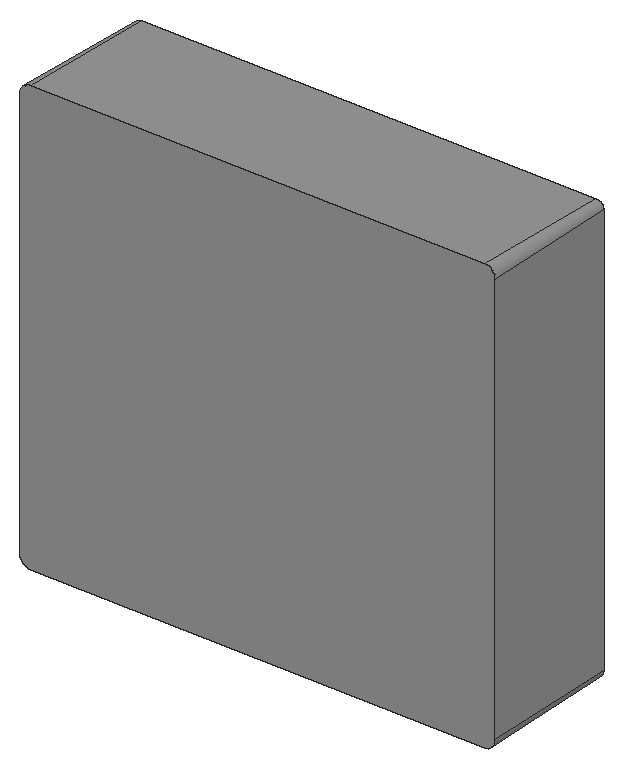
Revit family "L&L_LUCE&LIGHT_PASITO_1.2", category Lighting Fixtures, host Wall, Revit 2018 (continued)
Parameters (values of type "PASITO_1.2 – Asymmetrical 150°x90°")
     5.25 4.90 4.56 \r\n4.19 3.83 3.52 3.21 2.93 2.66 2.40 2.14 1.89 1.66 1.44 \r\n1.20 0.98 0.79 0.60 0.42 0.24 0.10 0.02 \r\n0.14 0.14 0.40 1.09 1.86 2.32 2.52 2.70 3.03 3.50 3.97 \r\n4.50 5.11 5.82 6.60 7.51 8.38 9.87 21.46 46.49 67.64 \r\n74.41 78.35 82.03 84.73 86.84 87.45 87.56 87.84 88.40 \r\n89.94 92.73 95.67 98.25 101.05 103.76 106.03 108.07 \r\n109.80 111.49 112.98 113.78 114.41 115.78 117.76 119.53 \r\n121.22 123.14 124.86 126.17 127.51 129.19 130.86 132.21 \r\n133.25 134.10 135.09 136.48 138.28 140.29 142.20 143.93 \r\n145.70 147.52 149.31 151.03 152.48 153.67 154.76 155.77 \r\n156.61 157.32 158.22 159.46 160.69 160.23 156.22 147.28 \r\n132.68 113.55 91.76 69.49 49.26 33.34 25.13 22.66 21.30 \r\n20.23 20.15 20.08 20.00 19.97 19.93 19.89 19.87 19.85 \r\n19.83 19.80 19.78 19.77 19.75 19.74 19.73 19.72 19.72 \r\n19.72 19.72 19.71 19.70 19.67 19.64 19.63 19.63 19.63 \r\n19.60 19.50 19.35 19.15 18.94 18.71 18.48 18.25 18.02 \r\n17.77 17.51 17.24 16.95 16.67 16.42 16.11 15.76 15.40 \r\n15.08 14.78 14.41 14.06 13.70 13.36 13.01 12.58 12.21 \r\n11.85 11.46 11.11 10.73 10.30 9.91 9.48 9.09 8.70 8.27 \r\n7.87 7.49 7.11 6.74 6.39 6.01 5.62 5.24 4.91 4.57 4.20 \r\n3.86 3.56 3.26 2.97 2.72 2.47 2.22 1.98 1.75 1.55 1.34 \r\n1.12 0.92 0.74 0.57 0.39 0.22 0.09 0.02 \r\n0.14 0.14 0.35 0.93 1.67 2.22 2.46 2.61 2.84 3.22 3.67 \r\n4.14 4.64 5.23 5.93 6.65 7.51 8.33 9.57 16.74 37.84 62.54 \r\n75.59 79.17 82.35 85.28 87.64 89.31 90.17 90.78 91.19 \r\n91.81 93.51 96.57 99.72 102.55 105.67 108.82 111.54 \r\n113.94 115.99 117.91 119.93 121.47 122.45 123.80 126.14 \r\n128.67 131.01 133.28 135.59 137.75 139.72 141.76 143.98 \r\n146.08 147.94 149.73 151.61 153.64 155.89 158.36 160.99 \r\n163.70 166.41 168.86 170.99 172.91 174.70 176.27 177.66 \r\n178.90 180.04 181.09 181.77 181.45 179.11 173.20 162.47 \r\n146.39 125.04 100.48 76.01 54.79 39.05 28.63 22.57 20.73 \r\n20.46 20.20 19.94 19.87 19.79 19.71 19.64 19.58 19.53 \r\n19.50 19.47 19.44 19.40 19.37 19.33 19.30 19.28 19.26 \r\n19.23 19.21 19.18 19.16 19.16 19.16 19.13 19.07 18.95 \r\n18.77 18.57 18.36 18.14 17.92 17.69 17.47 17.22 16.95 \r\n16.68 16.43 16.16 15.88 15.57 15.23 14.91 14.62 14.28 \r\n13.90 13.56 13.25 12.87 12.51 12.17 11.80 11.45 11.10 \r\n10.71 10.35 9.96 9.52 9.16 8.82 8.41 8.00 7.62 7.26 6.90 \r\n6.54 6.19 5.83 5.47 5.15 4.83 4.49 4.14 3.83 3.54 3.25 \r\n2.98 2.72 2.48 2.25 2.02 1.80 1.61 1.43 1.23 1.03 0.86 \r\n0.69 0.52 0.35 0.20 0.08 0.02 \r\n0.14 0.14 0.30 0.77 1.45 2.04 2.36 2.52 2.69 2.95 3.32 \r\n3.75 4.21 4.69 5.23 5.88 6.55 7.29 8.19 9.11 10.77 20.85 \r\n44.81 66.58 76.90 81.08 84.16 86.98 89.57 91.60 92.94 \r\n94.27 95.49 96.28 97.79 100.58 104.05 107.52 110.87 \r\n114.25 117.63 120.68 123.31 125.73 128.35 131.25 133.81 \r\n135.86 138.13 141.01 144.12 146.85 149.27 151.77 154.44 \r\n157.18 159.91 162.56 165.04 167.30 169.42 171.63 174.15 \r\n177.03 180.22 183.68 187.36 190.99 194.33 197.04 198.91 \r\n199.87 200.26 200.54 201.18 202.14 203.27 201.80 196.26 \r\n184.52 166.72 143.88 117.87 90.60 64.69 42.54 26.68 23.51 \r\n22.23 21.00 19.79 19.67 19.54 19.41 19.29 19.22 19.14 \r\n19.05 18.98 18.93 18.88 18.82 18.76 18.70 18.66 18.63 \r\n18.60 18.57 18.55 18.52 18.48 18.42 18.32 18.19 18.03 \r\n17.84 17.64 17.42 17.20 16.98 16.75 16.51 16.26 16.00 \r\n15.74 15.46 15.16 14.84 14.54 14.23 13.90 13.56 13.26 \r\n12.94 12.56 12.19 11.88 11.58 11.22 10.85 10.52 10.18 \r\n9.77 9.38 9.05 8.70 8.31 7.93 7.59 7.26 6.92 6.57 6.24 \r\n5.91 5.57 5.26 4.96 4.64 4.31 4.01 3.73 3.46 3.18 2.93 \r\n2.69 2.45 2.22 2.00 1.80 1.63 1.46 1.28 1.10 0.94 0.79 \r\n0.63 0.47 0.32 0.18 0.08 0.02 \r\n0.14 0.13 0.24 0.62 1.20 1.80 2.22 2.43 2.57 2.74 2.99 \r\n3.33 3.73 4.16 4.61 5.11 5.69 6.31 6.90 7.62 8.67 9.58 \r\n11.58 14.34 35.18 61.64 76.29 81.73 85.46 88.99 91.82 \r\n94.22 96.40 98.42 100.35 101.74 102.76 104.71 108.12 \r\n112.20 116.28 120.36 124.54 128.65 132.55 136.04 139.16 \r\n142.23 145.45 148.67 151.62 154.27 157.00 159.95 162.88 \r\n165.65 168.52 171.67 175.01 178.40 181.64 184.76 187.85 \r\n191.05 194.40 197.87 201.59 205.59 209.82 214.06 217.98 \r\n221.26 223.79 225.64 226.89 227.60 227.45 226.01 222.86 \r\n216.73 206.11 189.53 165.51 134.90 101.58 70.25 46.06 \r\n34.70 27.10 22.39 19.45 19.27 19.09 18.90 18.71 18.59 \r\n18.48 18.36 18.24 18.16 18.09 18.02 17.95 17.89 17.84 \r\n17.80 17.75 17.70 17.67 17.63 17.57 17.48 17.33 17.15 \r\n16.95 16.74 16.52 16.30 16.08 15.86 15.62 15.37 15.09 \r\n14.81 14.52 14.23 13.94 13.63 13.32 13.02 12.71 12.38 \r\n12.05 11.73 11.43 11.12 10.81 10.47 10.09 9.71 9.38 9.09 \r\n8.76 8.40 8.04 7.71 7.39 7.06 6.77 6.47 6.15 5.82 5.52 \r\n5.23 4.94 4.63 4.32 4.04 3.79 3.54 3.28 3.05 2.82 2.59 \r\n2.36 2.15 1.95 1.76 1.60 1.44 1.28 1.12 0.98 0.85 0.71 \r\n0.56 0.42 0.28 0.16 0.07 0.02 \r\n0.14 0.13 0.18 0.45 0.92 1.48 1.97 2.29 2.45 2.58 2.73 \r\n2.95 3.25 3.60 3.98 4.38 4.81 5.31 5.87 6.46 7.02 7.54 \r\n8.32 9.48 10.37 12.47 19.24 34.75 59.40 79.47 87.46 89.98 \r\n92.71 95.80 98.88 101.87 104.77 107.43 109.70 111.55 \r\n113.70 116.95 121.45 126.53 131.30 135.63 139.69 143.67 \r\n147.47 151.10 154.68 158.30 161.99 165.73 169.27 172.59 \r\n175.83 179.20 182.86 186.79 190.98 195.35 199.81 204.26 \r\n208.60 212.88 217.16 221.60 226.34 231.47 236.83 242.22 \r\n247.32 251.94 256.06 259.87 263.63 267.59 271.37 272.75 \r\n269.16 257.46 235.80 205.50 170.04 133.41 99.43 70.66 \r\n47.81 30.76 19.58 19.18 18.78 18.38 17.97 17.74 17.59 \r\n17.45 17.30 17.12 16.95 16.87 16.83 16.83 16.80 16.76 \r\n16.73 16.69 16.60 16.46 16.32 16.17 16.00 15.81 15.61 \r\n15.39 15.17 14.94 14.70 14.46 14.20 13.93 13.66 13.39 \r\n13.10 12.81 12.51 12.21 11.92 11.62 11.31 11.01 10.71 \r\n10.41 10.10 9.78 9.45 9.14 8.83 8.50 8.18 7.86 7.56 7.26 \r\n6.98 6.71 6.42 6.12 5.83 5.57 5.30 5.01 4.73 4.45 4.19 \r\n3.95 3.71 3.47 3.25 3.05 2.84 2.63 2.42 2.22 2.03 1.85 \r\n1.69 1.54 1.39 1.23 1.09 0.97 0.86 0.74 0.61 0.49 0.36 \r\n0.24 0.14 0.06 0.02 \r\n0.14 0.13 0.17 0.34 0.66 1.09 1.56 1.96 2.24 2.43 2.56 \r\n2.69 2.85 3.08 3.37 3.70 4.04 4.39 4.77 5.20 5.68 6.18 \r\n6.72 7.28 7.85 8.50 9.21 9.97 11.05 12.61 20.95 38.83 \r\n62.79 80.54 90.93 96.25 99.45 103.07 107.12 111.25 115.26 \r\n119.03 122.14 124.78 127.30 130.14 133.68 137.89 142.55 \r\n146.94 150.93 154.81 158.96 163.62 168.69 173.80 178.98 \r\n184.15 189.39 194.66 199.57 204.08 208.38 212.88 217.75 \r\n222.87 228.32 234.04 240.21 247.03 254.54 262.85 272.05 \r\n282.11 292.84 303.93 315.16 326.27 336.40 344.24 348.34 \r\n347.12 339.19 323.22 298.12 263.02 216.98 163.73 109.88 \r\n61.88 26.07 24.09 22.11 20.12 18.09 16.89 16.67 16.45 \r\n16.23 16.01 15.92 15.83 15.74 15.65 15.56 15.47 15.37 \r\n15.27 15.16 14.94 14.74 14.56 14.40 14.23 14.04 13.82 \r\n13.59 13.34 13.08 12.81 12.55 12.29 12.02 11.74 11.45 \r\n11.17 10.89 10.61 10.32 10.02 9.72 9.43 9.14 8.86 8.57 \r\n8.28 7.99 7.71 7.44 7.19 6.92 6.66 6.38 6.10 5.85 5.61 \r\n5.37 5.11 4.85 4.61 4.38 4.15 3.92 3.71 3.49 3.29 3.11 \r\n2.92 2.73 2.54 2.35 2.18 2.02 1.86 1.71 1.57 1.43 1.28 \r\n1.14 1.02 0.92 0.82 0.72 0.62 0.51 0.41 0.30 0.21 0.12 \r\n0.06 0.02 \r\n0.14 0.13 0.16 0.22 0.43 0.72 1.07 1.44 1.78 2.09 2.31 \r\n2.47 2.61 2.73 2.88 3.05 3.28 3.55 3.84 4.14 4.45 4.79 \r\n5.17 5.58 6.01 6.47 6.97 7.48 7.97 8.48 9.13 9.92 10.85 \r\n11.82 13.29 19.34 31.07 50.93 73.01 91.92 103.79 110.53 \r\n114.24 117.68 121.57 125.48 129.15 132.58 135.58 138.50 \r\n141.42 144.86 148.65 152.71 157.06 161.84 167.08 172.65 \r\n178.70 185.27 192.39 200.13 208.38 216.90 225.46 233.61 \r\n241.00 247.62 253.99 261.21 270.47 282.64 298.22 316.51 \r\n336.14 355.80 374.37 391.73 410.20 432.21 459.60 493.99 \r\n531.24 559.90 568.72 547.02 486.53 394.64 288.14 183.75 \r\n98.00 64.84 42.19 27.74 19.20 15.45 15.26 15.07 14.88 \r\n14.69 14.56 14.46 14.36 14.25 14.15 13.99 13.82 13.64 \r\n13.46 13.26 12.97 12.73 12.53 12.37 12.18 11.94 11.69 \r\n11.43 11.17 10.91 10.66 10.40 10.14 9.87 9.60 9.33 9.06 \r\n8.79 8.53 8.26 8.00 7.73 7.48 7.23 6.99 6.74 6.49 6.25 \r\n6.01 5.79 5.56 5.33 5.10 4.87 4.64 4.43 4.23 4.04 3.85 \r\n3.66 3.48 3.30 3.13 2.96 2.79 2.62 2.46 2.31 2.17 2.03 \r\n1.89 1.75 1.62 1.50 1.38 1.25 1.13 1.02 0.92 0.83 0.75 \r\n0.66 0.58 0.49 0.41 0.33 0.25 0.17 0.10 0.05 0.02 \r\n0.14 0.13 0.14 0.18 0.25 0.41 0.60 0.84 1.09 1.37 1.65 \r\n1.93 2.19 2.39 2.56 2.68 2.80 2.91 3.03 3.17 3.35 3.57 \r\n3.81 4.09 4.37 4.68 5.00 5.34 5.69 6.04 6.42 6.85 7.30 \r\n7.74 8.14 8.52 9.02 9.54 10.12 10.74 11.39 12.01 12.48 \r\n16.16 18.59 19.07 17.91 16.23 18.88 22.23 20.67 19.75 \r\n21.44 20.56 24.45 30.24 33.07 36.53 42.03 46.68 50.98 \r\n59.62 71.03 81.44 91.48 102.28 114.79 129.59 146.12 \r\n165.74 188.85 216.41 248.40 284.37 324.39 369.05 415.66 \r\n464.33 513.42 559.23 597.78 624.99 637.65 632.79 607.10 \r\n556.96 480.39 384.56 281.37 183.33 103.17 64.19 39.34 \r\n25.13 17.71 13.90 13.72 13.53 13.34 13.15 12.96 12.78 \r\n12.62 12.49 12.37 12.23 12.04 11.82 11.58 11.35 11.07 \r\n10.80 10.54 10.29 10.04 9.78 9.52 9.24 8.97 8.70 8.44 \r\n8.18 7.93 7.68 7.43 7.20 6.98 6.76 6.54 6.33 6.11 5.90 \r\n5.68 5.48 5.28 5.08 4.89 4.70 4.51 4.33 4.15 3.98 3.82 \r\n3.66 3.51 3.36 3.21 3.06 2.92 2.78 2.64 2.50 2.37 2.25 \r\n2.13 2.00 1.88 1.76 1.64 1.53 1.43 1.33 1.23 1.13 1.04 \r\n0.95 0.87 0.78 0.70 0.63 0.56 0.49 0.43 0.37 0.32 0.26 \r\n0.20 0.13 0.08 0.04 0.02 \r\n0.14 0.14 0.14 0.15 0.18 0.22 0.27 0.37 0.47 0.58 0.74 \r\n0.90 1.09 1.32 1.56 1.79 2.02 2.25 2.43 2.57 2.71 2.84 \r\n2.94 3.05 3.16 3.29 3.43 3.58 3.75 3.93 4.11 4.34 4.58 \r\n4.83 5.09 5.36 5.63 5.92 6.21 6.50 6.79 7.07 7.33 7.61 \r\n7.90 8.23 8.58 8.93 9.26 9.56 9.86 10.17 10.50 10.82 \r\n11.15 11.47 11.78 12.07 12.36 12.61 12.85 13.06 13.24 \r\n13.41 13.55 13.68 13.79 13.89 13.99 14.07 14.14 14.19 \r\n14.22 14.24 14.25 14.24 14.23 14.22 14.20 14.17 14.12 \r\n14.06 13.97 13.88 13.77 13.66 13.54 13.42 13.29 13.16 \r\n13.03 12.80 12.54 12.26 11.99 11.75 11.55 11.39 11.24 \r\n11.10 10.95 10.78 10.59 10.37 10.13 9.87 9.59 9.30 9.01 \r\n8.71 8.42 8.14 7.86 7.59 7.32 7.07 6.82 6.59 6.37 6.17 \r\n5.97 5.77 5.58 5.39 5.20 5.01 4.83 4.66 4.50 4.34 4.19 \r\n4.04 3.90 3.76 3.63 3.50 3.36 3.23 3.10 2.97 2.85 2.74 \r\n2.63 2.53 2.43 2.32 2.21 2.11 2.01 1.91 1.82 1.73 1.64 \r\n1.55 1.47 1.39 1.31 1.23 1.14 1.06 0.98 0.91 0.85 0.78 \r\n0.72 0.65 0.59 0.53 0.47 0.42 0.38 0.34 0.30 0.27 0.23 \r\n0.19 0.15 0.10 0.06 0.04 0.02 \r\n0.14 0.14 0.14 0.14 0.15 0.16 0.17 0.18 0.19 0.20 0.21 \r\n0.23 0.28 0.34 0.41 0.48 0.56 0.63 0.73 0.85 0.97 1.09 \r\n1.22 1.34 1.47 1.59 1.71 1.83 1.95 2.07 2.19 2.32 2.45 \r\n2.58 2.71 2.84 2.97 3.10 3.21 3.33 3.46 3.60 3.75 3.90 \r\n4.06 4.21 4.35 4.50 4.65 4.80 4.97 5.15 5.35 5.56 5.78 \r\n6.02 6.26 6.51 6.76 7.00 7.24 7.47 7.68 7.88 8.08 8.25 \r\n8.39 8.53 8.66 8.77 8.86 8.92 8.97 9.01 9.04 9.07 9.10 \r\n9.13 9.16 9.18 9.19 9.19 9.17 9.14 9.09 9.03 8.96 8.88 \r\n8.79 8.70 8.61 8.53 8.46 8.38 8.29 8.19 8.07 7.94 7.78 \r\n7.59 7.38 7.13 6.88 6.61 6.34 6.08 5.84 5.61 5.40 5.19 \r\n4.98 4.78 4.58 4.39 4.21 4.04 3.88 3.73 3.60 3.47 3.35 \r\n3.23 3.12 3.02 2.92 2.83 2.74 2.65 2.56 2.47 2.38 2.29 \r\n2.21 2.13 2.06 1.98 1.91 1.85 1.78 1.71 1.64 1.57 1.51 \r\n1.44 1.38 1.32 1.26 1.21 1.15 1.10 1.04 0.99 0.94 0.89 \r\n0.84 0.79 0.74 0.69 0.65 0.60 0.56 0.51 0.47 0.43 0.40 \r\n0.36 0.33 0.29 0.26 0.24 0.22 0.20 0.18 0.16 0.14 0.13 \r\n0.10 0.07 0.05 0.03 0.02 \r\n0.14 0.14 0.13 0.13 0.13 0.13 0.13 0.13 0.14 0.14 0.15 \r\n0.15 0.16 0.17 0.17 0.18 0.19 0.20 0.21 0.22 0.22 0.23 \r\n0.24 0.25 0.26 0.27 0.28 0.29 0.30 0.31 0.32 0.33 0.34 \r\n0.36 0.37 0.38 0.39 0.40 0.41 0.42 0.43 0.44 0.46 0.47 \r\n0.48 0.49 0.50 0.51 0.52 0.53 0.54 0.55 0.56 0.57 0.58 \r\n0.59 0.60 0.61 0.62 0.63 0.64 0.65 0.66 0.67 0.68 0.69 \r\n0.70 0.71 0.71 0.72 0.73 0.74 0.75 0.76 0.76 0.77 0.78 \r\n0.79 0.79 0.80 0.81 0.82 0.83 0.83 0.84 0.85 0.86 0.86 \r\n0.87 0.88 0.88 0.89 0.89 0.90 0.90 0.90 0.91 0.91 0.91 \r\n0.91 0.91 0.91 0.91 0.91 0.91 0.90 0.90 0.90 0.89 0.88 \r\n0.88 0.87 0.86 0.85 0.84 0.83 0.82 0.81 0.80 0.79 0.78 \r\n0.77 0.77 0.76 0.75 0.74 0.73 0.72 0.71 0.70 0.69 0.68 \r\n0.67 0.65 0.64 0.62 0.61 0.59 0.58 0.56 0.55 0.53 0.51 \r\n0.49 0.48 0.46 0.44 0.42 0.40 0.39 0.37 0.35 0.33 0.32 \r\n0.30 0.28 0.27 0.25 0.23 0.22 0.20 0.19 0.18 0.16 0.15 \r\n0.13 0.12 0.11 0.09 0.08 0.08 0.08 0.07 0.07 0.07 0.07 \r\n0.06 0.05 0.03 0.02 0.02 \r\n"
  MATERIAL DESCRIPTION = "body in technopolymer and aluminium"
  Lamp = "LED colour white: 2700K, 3000K, 4000K"
  LIGHT MATERIAL = LIGHT_GLASS
  LENGTH = 143.0 mm
  ILLUMINITECHNICAL PERFORMANCE = ""
  IES PHOTOMETRIC ARCHIVE = "https://www.lucelight.it/media/prodotti/fotometrie/pasito_1.2_ies.zip"
  ENERGY EFFIECIENCY CLASS = "A / A+ / A++"
  Dimming Lamp Color Temperature Shift = (empty or 0)
  URL = "https://www.lucelight.it/en/"
  built-in parameter 1150107 = 2700 (stored number, unit not read)
  Manufacturer = "L&L Luce&Light"
  built-in parameter 1150110 = 1 (stored number, unit not read)
  built-in parameter 1150109 = 1 (stored number, unit not read)
  built-in parameter 1114216 [instance] = (empty or 0)
  built-in parameter 1114218 = 1 (stored number, unit not read)
  built-in parameter 1150112 = 1 (stored number, unit not read)
  Model = "PASITO 1.2"
  built-in parameter 1150137 = (empty or 0)
  built-in parameter 1150132 = (empty or 0)
  built-in parameter 1150105 = 100.48 (stored number, unit not read)
  built-in parameter 1150102 = (empty or 0)
  built-in parameter 1150106 = 1.0048 (stored number, unit not read)
  Lumens = 1262.61 lm
  Color Filter = 16777215
  built-in parameter 1114217 = 1 (stored number, unit not read)
  built-in parameter 1150139 = (empty or 0)
  built-in parameter 1150104 = 13.8 (stored number, unit not read)
  built-in parameter 1150115 = 1 (stored number, unit not read)
  built-in parameter 1150114 = 1 (stored number, unit not read)
  built-in parameter 1150113 = 1 (stored number, unit not read)
  Description = "step light for outdoor applications"
  built-in parameter 1150134 = (empty or 0)
  built-in parameter 1150138 = (empty or 0)
  BODY MATERIAL = ALUMINIUM
  BIM USER MANUAL = "https://img.edilportale.com/bim/LUCE-LIGHT-BIM-user-manual-en-L-L-Luce-Light-bim.pdf"
  BIM BADGE = "https://bim.archiproducts.com/it/badge/bim-archiproducts-featured_658700/about"
  BIM AUTHOR = "https://bim.archiproducts.com"
  built-in parameter 1150133 = 10 (stored number, unit not read)
Reference planes
  plane 1: y = 0
  plane 2 "Centro (Sinistra/Destra)": x = 125
  plane 3 "Indietro": y = 74.988
  plane 4: z = 143
  plane 5: through (-8600, 103.585, 97.821) normal (0, -0.5592, -0.829)
  plane 6: through (-8600, 131.127, 95.914) normal (0, -0.829, 0.5592)
Lines and regions (mm)
  model lines, detail levels coarse
    curve 1: line (152.577, 77.054, 0) -> (97.423, 132.208, 0)
    curve 2: line (97.494, 76.983, 0) -> (152.649, 132.137, 0)
    curve 3: circle (125, 104.631, 0) r 39 normal (0, 0, -1)
    curve 4: circle (124.998, 74.988, 95.417) r 39 normal (0, -1, 0)
    curve 5: line (152.575, 74.988, 122.994) -> (97.421, 74.988, 67.84)
    curve 6: line (97.421, 74.988, 122.994) -> (152.575, 74.988, 67.84)
Text (mm)
  text "Placement side" at (-1867.185, 1116.779, 0), in view "Livello rif."
  text "Placement side" at (0, 1270.507, 3001.832), in view "Sinistra"
  text "Placement side" at (0, 530.812, 2999.686), in view "Destra"
Dimensions and locks
  locked: plane 3 "Indietro" to host wall
  aligned and locked: plane 1 to host wall
  aligned and locked: nested 1 to plane 3 "Indietro"
Nested families
  nested 1: "PASITO_STRUCTURE_1.2" at (125, 74.988, -0.944) x (-1, 0, 0) z (0, 0, 1), BODY MATERIAL <- "BODY MATERIAL", LIGHT_MATERIAL <- "LIGHT MATERIAL", type "PASITO_STRUCTURE", detail levels medium+fine
    with LIGHT_MATERIAL LIGHT_GLASS, BODY MATERIAL ALUMINIUM
Definition of nested family "PASITO_STRUCTURE_1.2"
  Parameters (values of type "PASITO_STRUCTURE_1.2")
    LIGHT_MATERIAL [instance] = none
    BODY MATERIAL [instance] = none
  Reference planes
    plane 1 "Center (Front/Back)": y = 0
    plane 2: z = 0
    plane 3 "Center (Left/Right)": x = 0
    plane 4: through (0, 23.89, 82.953) normal (0, -0.829, -0.5592)
    plane 5: z = 144.078
    plane 6: x = -78.48
    plane 7: x = 78.473
    plane 8: z = 1
    plane 9: z = 143.134
    plane 10: z = 1.955
    plane 11: x = -77.54
    plane 12: x = 77.539
    plane 13: y = -46
  Forms (mm)
    Extrusion 1, solid, material <- "LIGHT_MATERIAL"
      sketch origin (0, -18.606, 85.366) x (0, 0.559193, -0.829038) y (-1, 0, 0)
        loop
          arc (-16.695, 24.405) -> (-30.515, 0.01) -> (-16.695, -24.385) r 28.441
          arc (-16.695, -24.385) -> (-2.876, 0.01) -> (-16.695, 24.405) r 28.441
      from -2.69 to -0.79
    Blend 2, solid, material <- "BODY MATERIAL"
      base sketch origin (-1.279, -3.5, 1) x (1, 0, 0) y (0, 0, 1)
        loop
          arc (-73.674, 143.078) -> (-76.149, 142.053) -> (-77.174, 139.578) r 3.5
          line (-77.174, 139.578) -> (-77.174, 3.503)
          arc (-77.174, 3.503) -> (-76.149, 1.028) -> (-73.674, 0.003) r 3.5
          line (-73.674, 0.003) -> (76.262, 0.003)
          arc (76.262, 0.003) -> (78.737, 1.028) -> (79.762, 3.503) r 3.5
          line (79.762, 3.503) -> (79.762, 139.578)
          arc (79.762, 139.578) -> (78.737, 142.053) -> (76.262, 143.078) r 3.5
          line (76.262, 143.078) -> (-73.674, 143.078)
      top sketch origin (-1.279, -3.5, 1) x (1, 0, 0) y (0, 0, 1)
        loop
          arc (-73.674, 142.078) -> (-75.442, 141.346) -> (-76.174, 139.578) r 2.5
          line (-76.174, 139.578) -> (-76.174, 3.464)
          arc (-76.174, 3.464) -> (-75.442, 1.696) -> (-73.674, 0.964) r 2.5
          line (-73.674, 0.964) -> (76.262, 0.964)
          arc (76.262, 0.964) -> (78.03, 1.696) -> (78.762, 3.464) r 2.5
          line (78.762, 3.464) -> (78.762, 139.578)
          arc (78.762, 139.578) -> (78.03, 141.346) -> (76.262, 142.078) r 2.5
          line (76.262, 142.078) -> (-73.674, 142.078)
      from -3.5 to 42.5
    Extrusion 3, void
      sketch origin (0, 0, 0) x (0, 1, 0) y (0, 0, 1)
        loop
          line (-18.61, 83.96) -> (-42.492, 119.367) -> (-42.492, 96.36) -> (-46, 96.36) -> (-46, 11.548) -> (-18.61, 83.96)
      from -67.5 to 67.5
  Cuts and joins
    Extrusion 3 cuts Blend 2
  Dimensions and locks
    aligned and locked: level to plane 2
